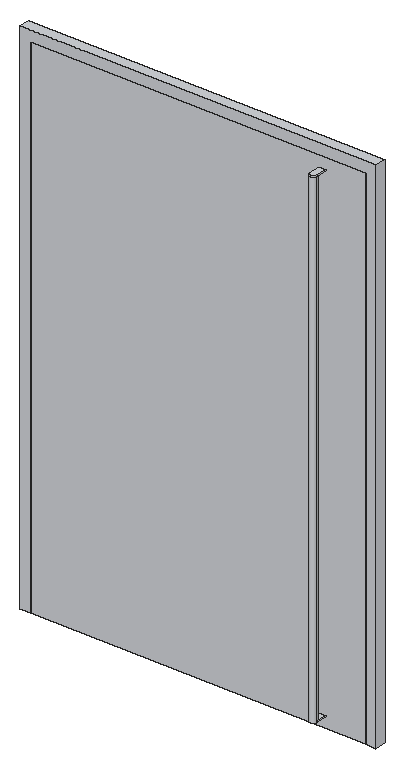
Revit family "CP-DR_1PI_Pivot Door", category Doors, Revit 2021
Family settings
  OmniClass Number = 23.25.20.14.11.11.17
  OmniClass Title = Infill Panels
  Always vertical = Yes
  Cut with Voids When Loaded = No
  Shared = No
  Room Calculation Point = Yes
Parameters (values of type "50_Off0_DS")
  YN_PanicBar = no
  YN_Opening_DoubleSide = yes
  YN_Handle_Internal = yes
  YN_Handle_External = yes
  Thickness = 0 mm  # constant formula
  TX_TypeCode = ""
  TX_Host [instance] = ""
  MA_Panel = none
  MA_Handle = none
  MA_Frame = none
  Function = Interior
  Description = "Porta a un'anta a bilico va e vieni."
  Define Thermal Properties by = Schematic Type
  DI_Width_Rough [instance] = 1663.754 mm
  DI_Width_Clear [instance] = DI_Width - DI_Hinge_OffsetX  # 1463.754 mm
  DI_Width [instance] = DI_Width_Rough - (DI_Frame_Width * 2)  # 1563.754 mm
  DI_Panel_Width [instance] = DI_Width  # 1563.754 mm
  DI_Panel_Thickness = 50 mm
  DI_Panel_OffsetYC = 300 mm + DI_Panel_OffsetY  # 300 mm
  DI_Panel_OffsetY = 0 mm
  DI_Panel_Height [instance] = DI_Height_Rough - DI_Frame_Width  # 2388.4 mm
  DI_Opening_Angle = 90.00°
  DI_Hinge_OffsetY [instance] = 25 mm
  DI_Hinge_OffsetX = 100 mm
  DI_Height_Rough [instance] = 2438.4 mm
  DI_Height_Clear [instance] = DI_Height  # 2388.4 mm
  DI_Height [instance] = DI_Height_Rough - DI_Frame_Width  # 2388.4 mm
  DI_Handle_OffsetZ = 50 mm
  DI_Handle_OffsetX = 300 mm
  DI_Frame_Width = 50 mm
  DI_Frame_Thickness = 50 mm
  DI_Angle = 0.00°
  Analytic Construction = "<None>"
Types (6, lengths in mm): name | YN_PanicBar | YN_Opening_DoubleSide | YN_Handle_Internal | TX_TypeCode | Description | DI_Panel_OffsetYC | DI_Panel_OffsetY
  50_Off0_DS | no | yes | yes | "" | "Porta a un'anta a bilico va e vieni." | 300 | 0
  50_Off150DS | no | yes | yes | "" | "Porta a un'anta a bilico, con maniglione." | 450 | 150
  50_Off0_PB | yes | no | no | "" | "Porta a un'anta a bilico, con maniglione." | 300 | 0
  50_Off0 | no | no | yes | "" | "Porta a un'anta a bilico." | 300 | 0
  50_Off150_PB | yes | no | no | "" | "Porta a un'anta a bilico va e vieni." | 450 | 150
  50_Off150 | no | no | yes | "1PL" | "Porta a un'anta a bilico." | 450 | 150
Reference planes
  plane 1 "Front": y = 0
  plane 2: z = 0
  plane 3 "Center (Left/Right)": x = 0
  plane 4 "Left": x = -831.877
  plane 5 "Right": x = 831.877
  plane 6 "Top": z = 2438.4
  plane 7 "Front Panel": y = 0
  plane 8 "Back Panel": y = 50
  plane 9 "Posizione Cerniera Y": x = -681.877
  plane 10 "MidllePanel": y = 25
  plane 11 "Panel Right": x = 781.877
  plane 12 "Panel Left": x = -781.877
  plane 13 "Origin offset": y = -300
Lines and regions (mm)
  reference lines
    curve 1: line (-681.877, 25, 0) -> (-21.877, 25, 0)
    curve 2: line (-681.877, 25, 0) -> (-681.877, 605, 0)
    curve 3: line (-681.877, 25, 0) -> (-681.877, -575, 0)
Text (mm)
  text "Exterior" at (-1379.057, 797.241, 0), in view "Ref. Level"
  text "Exterior" at (12192, 1055.114, 2275.943), in view "Right"
  text "Exterior" at (-6096, 1468.734, 2687.031), in view "Left"
Dimensions and locks
  equal spacing: plane 4 "Left", plane 3 "Center (Left/Right)", plane 5 "Right"
  "DI_Panel_Thickness": plane 8 "Back Panel" to plane 7 "Front Panel"
  "DI_Hinge_OffsetX": plane 12 "Panel Left" to plane 9 "Posizione Cerniera Y"
  equal spacing: plane 8 "Back Panel", plane 10 "MidllePanel", plane 7 "Front Panel"
  "DI_Hinge_OffsetY": plane 10 "MidllePanel" to plane 7 "Front Panel"
  nested 6 to nested 2 = 200 mm
  "DI_Frame_Width": plane 11 "Panel Right" to plane 5 "Right"
  "DI_Frame_Width": plane 4 "Left" to plane 12 "Panel Left"
  "DI_Width_Rough": plane 4 "Left" to plane 5 "Right"
  "DI_Height_Rough": plane 2 to plane 6 "Top"
  "DI_Panel_OffsetYC": plane 7 "Front Panel" to plane 13 "Origin offset"
  locked: plane 1 "Front" to plane 13 "Origin offset" at 300
  "DI_Angle": angle plane 10 "MidllePanel" to curve 1
  "DI_Opening_Angle": angle plane 10 "MidllePanel" to curve 2
  "DI_Opening_Angle": angle curve 3 to plane 10 "MidllePanel"
  aligned and locked: level to plane 2
  aligned and locked: plane 9 "Posizione Cerniera Y" to curve 2
  aligned and locked: plane 10 "MidllePanel" to curve 3
  aligned and locked: plane 3 "Center (Left/Right)" to nested 8
  aligned and locked: nested 8 to plane 10 "MidllePanel"
Nested families
  nested 1: "DR.PN_Panel Pivot" at (0, 25, 0), DI_Panel_Thickness <- "DI_Panel_Thickness", DI_PivotHinge_Offset <- "DI_Hinge_OffsetX", DI_Opening_Projection_Angle <- "DI_Opening_Angle", DI_Panel_Height <- "DI_Panel_Height", DI_Panel_Width <- "DI_Panel_Width", YN_DoubleSideOpening <- "YN_Opening_DoubleSide", MA_Panel <- "MA_Panel", type "Pivot"
    with YN_DoubleSideOpening yes, Thickness 0 mm, MA_Panel none, DI_PivotHinge_Offset 100 mm, DI_Panel_Width 1563.754 mm, DI_Panel_Thickness 50 mm, DI_Panel_Height 2388.4 mm, DI_Opening_Projection_Angle 90.00°
  nested 2: "DR.PN_Panel Pivot" at (-681.877, 706.877, 0) x (0, 1, 0) z (0, 0, 1), DI_Panel_Height <- "DI_Panel_Height", DI_Panel_Thickness <- "DI_Panel_Thickness", DI_Panel_Width <- "DI_Panel_Width", DI_PivotHinge_Offset <- "DI_Hinge_OffsetX", DI_Opening_Projection_Angle <- "DI_Opening_Angle", YN_DoubleSideOpening <- "YN_Opening_DoubleSide", type "Pivot_Projection"
    with YN_DoubleSideOpening yes, Thickness 0 mm, MA_Panel none, DI_PivotHinge_Offset 100 mm, DI_Panel_Width 1563.754 mm, DI_Panel_Thickness 50 mm, DI_Panel_Height 2388.4 mm, DI_Opening_Projection_Angle 90.00°
  nested 3: "DR.PN_Panel Pivot" at (-681.877, -656.877, 0) x (0, -1, 0) z (0, 0, 1), DI_Panel_Height <- "DI_Panel_Height", DI_Panel_Thickness <- "DI_Panel_Thickness", DI_Panel_Width <- "DI_Panel_Width", DI_PivotHinge_Offset <- "DI_Hinge_OffsetX", visible <- "YN_Opening_DoubleSide", type "Pivot_Projection"
    with YN_DoubleSideOpening no, Thickness 0 mm, MA_Panel none, DI_PivotHinge_Offset 100 mm, DI_Panel_Width 1563.754 mm, DI_Panel_Thickness 50 mm, DI_Panel_Height 2388.4 mm, DI_Opening_Projection_Angle 90.00°
  nested 4: "DR.HA_Handle_Panicbar_HW" at (-753.374, 25, 0) x (0, 1, 0) z (0, 0, 1), DI_Panel_Thickness <- "DI_Panel_Thickness", YN_Handle_Internal <- "YN_PanicBar", DI_Panel_Width <- "DI_Width_Clear", DI_Panel_OffsetY <- "DI_Panel_OffsetY", type "Projection"
    with YN_Handle_Internal no, YN_Handle_External no, MA_Handle none, DI_Panel_Width 1463.754 mm, DI_Panel_Thickness 50 mm, DI_Panel_OffsetYC 25 mm, DI_Panel_OffsetY 0 mm, DI_Handle_OffsetZ 1000 mm, DI_Handle_OffsetX 731.877 mm, YN_Opening_Pivot yes
  nested 5: "DR.HA_Handle_Panicbar_HW" at (-681.877, 96.497, 0), DI_Panel_Thickness <- "DI_Panel_Thickness", DI_Panel_OffsetY <- "DI_Panel_OffsetY", YN_Handle_Internal <- "YN_PanicBar", MA_Handle <- "MA_Handle", DI_Panel_Width <- "DI_Width_Clear", type "Cut"
    with YN_Handle_Internal no, YN_Handle_External no, MA_Handle none, DI_Panel_Width 1463.754 mm, DI_Panel_Thickness 50 mm, DI_Panel_OffsetYC 25 mm, DI_Panel_OffsetY 0 mm, DI_Handle_OffsetZ 900 mm, DI_Handle_OffsetX 731.877 mm, YN_Opening_Pivot yes
  nested 6: "DR.HA_Handle_Pole_HW" at (-706.877, 25, 0) x (0, 1, 0) z (0, 0, 1), DI_Panel_Height <- "DI_Panel_Height", DI_Panel_Thickness <- "DI_Panel_Thickness", DI_Panel_Width <- "DI_Width", YN_Handle_External <- "YN_Handle_External", YN_Handle_Internal <- "YN_Handle_Internal", DI_Handle_OffsetX <- "DI_Handle_OffsetX", DI_Panel_OffsetY <- "DI_Panel_OffsetY", MA_Handle <- "MA_Handle", type "Projection"
    with YN_Handle_Internal yes, YN_Handle_External yes, MA_Handle none, DI_Panel_Width 1563.754 mm, DI_Panel_Thickness 50 mm, DI_Panel_OffsetYC 25 mm, DI_Panel_OffsetY 0 mm, DI_Panel_Height 2388.4 mm, DI_Handle_OffsetX 300 mm, DI_Handle_HeightC 388.4 mm, DI_Handle_Height 148.093 mm, YN_Opening_Pivot yes
  nested 7: "DR.HA_Handle_Pole_HW" at (-656.877, 25, 0) x (0, -1, 0) z (0, 0, 1), DI_Panel_Height <- "DI_Panel_Height", DI_Panel_Thickness <- "DI_Panel_Thickness", DI_Panel_Width <- "DI_Width", visible <- "YN_Opening_DoubleSide", YN_Handle_External <- "YN_Handle_External", YN_Handle_Internal <- "YN_Handle_Internal", DI_Handle_OffsetX <- "DI_Handle_OffsetX", DI_Panel_OffsetY <- "DI_Panel_OffsetY", MA_Handle <- "MA_Handle", type "Projection"
    with YN_Handle_Internal yes, YN_Handle_External yes, MA_Handle none, DI_Panel_Width 1563.754 mm, DI_Panel_Thickness 50 mm, DI_Panel_OffsetYC 25 mm, DI_Panel_OffsetY 0 mm, DI_Panel_Height 2388.4 mm, DI_Handle_OffsetX 300 mm, DI_Handle_HeightC 388.4 mm, DI_Handle_Height 148.093 mm, YN_Opening_Pivot yes
  nested 8: "DR.FR_Generic Frame" at (0, 25, 0), DI_Width <- "DI_Width_Rough", DI_Height <- "DI_Height_Rough", DI_Frame_Thickness <- "DI_Frame_Thickness", DI_Frame_Width <- "DI_Frame_Width", MA_Frame <- "MA_Frame", type "0"
    with built-in parameter 1001301 0 mm, Thickness 0 mm, MA_Frame none, built-in parameter 1001300 0 mm, DI_Width 1663.754 mm, DI_Height 2438.4 mm, DI_Frame_Width 50 mm, DI_Frame_Thickness 50 mm
  nested 9: "DR.HA_Handle_Pole_HW" at (-681.877, 50, 0), DI_Panel_Thickness <- "DI_Panel_Thickness", DI_Panel_Height <- "DI_Panel_Height", DI_Panel_Width <- "DI_Panel_Width", YN_Handle_External <- "YN_Handle_External", YN_Handle_Internal <- "YN_Handle_Internal", DI_Handle_OffsetX <- "DI_Handle_OffsetX", DI_Panel_OffsetY <- "DI_Panel_OffsetY", MA_Handle <- "MA_Handle", type "Cut"
    with YN_Handle_Internal yes, YN_Handle_External yes, MA_Handle none, DI_Panel_Width 1563.754 mm, DI_Panel_Thickness 50 mm, DI_Panel_OffsetYC 25 mm, DI_Panel_OffsetY 0 mm, DI_Panel_Height 2388.4 mm, DI_Handle_OffsetX 300 mm, DI_Handle_HeightC 2288.4 mm, DI_Handle_Height 148.093 mm, YN_Opening_Pivot yes
Definition of nested family "DR.PN_Panel Pivot"
  Parameters (values of type "Pivot_Projection")
    YN_Swing = not(YN_Panel_Projection)  # no
    YN_Panel_Projection = yes
    YN_Panel = not(YN_Panel_Projection)  # no
    YN_DoubleSideOpening [instance] = no
    YN_3D = not(YN_Panel_Projection)  # no
    Width = 0 mm  # constant formula
    Thickness [instance] = 0 mm  # constant formula
    Rough Width = 0 mm  # constant formula
    Rough Height = 0 mm  # constant formula
    MA_Panel [instance] = none
    Height = 0 mm  # constant formula
    Define Thermal Properties by = 1
    Default Elevation = 0 mm  # constant formula
    DI_PivotHinge_Offset [instance] = 100 mm
    DI_Panel_Width [instance] = 1000 mm
    DI_Panel_Thickness [instance] = 100 mm
    DI_Panel_Height [instance] = 2100 mm
    DI_Opening_Projection_Angle [instance] = 60.00°
    Analytic Construction = "<None>"
  Types (2, lengths in mm): name | YN_Swing | YN_Panel_Projection | YN_Panel | YN_3D | DI_Panel_Width | DI_Opening_Projection_Angle
    Pivot | yes | no | yes | yes | 1200 | 90.00°
    Pivot_Projection | no | yes | no | no | 1000 | 60.00°
  Reference planes
    plane 1 "Center (Front/Back)": y = 0
    plane 2: z = 0
    plane 3 "Center (Left/Right)": x = 0
    plane 4 "Left": x = -500
    plane 5 "Right": x = 500
    plane 6 "FrontPanel": y = -50
    plane 7 "Top": z = 2100
    plane 8: z = 1050
    plane 9 "BackPanel": y = 50
    plane 10 "Y_Bilico": x = -400
  Forms (mm)
    Extrusion 1, solid, material <- "MA_Panel", visible <- "YN_3D"
      sketch origin (1340, 700, 0) x (1, 0, 0) y (0, 1, 0)
        loop
          line (-1840, -750) -> (-840, -750) -> (-840, -650) -> (-1840, -650) -> (-1840, -750)
      from 0 to 2100
  Lines and regions (mm)
    Masking region 1, visible <- "YN_Panel"
      outline origin (40, 290, 0) x (1, 0, 0) y (0, 1, 0)
        loop
          line (-540, -240) -> (-540, -340) -> (460, -340) -> (460, -240) -> (-540, -240)
    model lines, not visible
      curve 1: line (-400, -50, 2100) -> (500, -50, 1050)
      curve 2: line (-400, -50, 0) -> (500, -50, 1050)
      curve 7: line (-242.5, -50, 1050) -> (367.5, -50, 1050)
      curve 8: line (-242.5, 50, 1050) -> (367.5, 50, 1050)
    model lines, visible <- "YN_Swing"
      curve 3: line (-400, -50, 2100) -> (500, -50, 1050)
      curve 4: line (-400, -50, 0) -> (500, -50, 1050)
      curve 5: line (-400, 50, 2100) -> (500, 50, 1050)
      curve 6: line (500, 50, 1050) -> (-400, 50, 0)
      curve 15: line (-400, 50, 0) -> (-500, 50, 1050)
      curve 16: line (-500, 50, 1050) -> (-400, 50, 2100)
      curve 17: line (-400, -50, 0) -> (-500, -50, 1050)
      curve 18: line (-500, -50, 1050) -> (-400, -50, 2100)
      curve 19: line (-400, 50, 0) -> (-400, 50, 2100)
      curve 20: line (-400, -50, 0) -> (-400, -50, 2100)
    reference lines
      curve 9: line (-400, 0, 0) -> (-242.5, 272.798, 0)
      curve 12: line (-400, 0, 0) -> (-242.5, -272.798, 0)
    symbolic lines, visible <- "YN_Swing"
      curve 10: arc (500, 0, 0) -> (379.423, 450, 0) -> (50, 779.423, 0) r 900
      curve 11: arc (-500, 0, 0) -> (-486.603, -50, 0) -> (-450, -86.603, 0) r 100
    symbolic lines, visible <- "YN_DoubleSideOpening"
      curve 13: arc (500, 0, 0) -> (379.423, -450, 0) -> (50, -779.423, 0) r 900
      curve 14: arc (-500, 0, 0) -> (-486.603, 50, 0) -> (-450, 86.603, 0) r 100
    symbolic lines, visible <- "YN_Panel_Projection"
      curve 21: line (-500, 50, 0) -> (500, 50, 0)
    symbolic lines, visible <- "YN_Panel_Projection", detail levels medium+fine
      curve 22: line (-500, -50, 0) -> (-500, 50, 0)
      curve 23: line (500, -50, 0) -> (-500, -50, 0)
      curve 24: line (500, 50, 0) -> (500, -50, 0)
  Dimensions and locks
    "DI_Panel_Width": plane 4 "Left" to plane 5 "Right"
    equal spacing: plane 4 "Left", plane 3 "Center (Left/Right)", plane 5 "Right"
    "DI_Panel_Thickness": plane 6 "FrontPanel" to plane 9 "BackPanel"
    "DI_Panel_Height": plane 7 "Top" to plane 2
    equal spacing: plane 7 "Top", plane 8, plane 2
    plane 4 "Left" to plane 3 "Center (Left/Right)" = 500 mm
    equal spacing: plane 6 "FrontPanel", plane 1 "Center (Front/Back)", plane 9 "BackPanel"
    "DI_PivotHinge_Offset": plane 4 "Left" to plane 10 "Y_Bilico"
    plane 7 "Top" to curve 1 = 0 mm
    "DI_Opening_Projection_Angle": angle plane 1 "Center (Front/Back)" to curve 9
    "DI_Opening_Projection_Angle": angle curve 12 to plane 1 "Center (Front/Back)"
    aligned and locked: level to plane 2
    aligned and locked: plane 4 "Left" to Extrusion 1
    aligned and locked: plane 9 "BackPanel" to Extrusion 1
    aligned and locked: plane 5 "Right" to Extrusion 1
    aligned and locked: Extrusion 1 to plane 6 "FrontPanel"
    aligned and locked: plane 7 "Top" to Extrusion 1
    aligned and locked: curve 9 to curve 10
    aligned and locked: curve 11 to curve 9
    aligned and locked: plane 1 "Center (Front/Back)" to curve 11
    aligned and locked: plane 4 "Left" to curve 11
    aligned and locked: curve 12 to curve 13
    aligned and locked: curve 14 to curve 12
    aligned and locked: plane 1 "Center (Front/Back)" to curve 12
    aligned and locked: plane 10 "Y_Bilico" to curve 12
    aligned and locked: curve 19 to plane 10 "Y_Bilico"
    aligned and locked: plane 2 to curve 19
    aligned and locked: plane 7 "Top" to curve 19
    aligned and locked: plane 10 "Y_Bilico" to curve 20
    aligned and locked: plane 2 to curve 20
    aligned and locked: Masking region 1 sketch curve to plane 4 "Left"
    aligned and locked: Masking region 1 sketch curve to plane 5 "Right"
    aligned and locked: plane 6 "FrontPanel" to Masking region 1 sketch curve
    aligned and locked: Masking region 1 sketch curve to plane 9 "BackPanel"
    aligned and locked: curve 21 to plane 9 "BackPanel"
    aligned and locked: curve 22 to plane 4 "Left"
    aligned and locked: plane 6 "FrontPanel" to curve 23
    aligned and locked: curve 24 to plane 5 "Right"
  Automatic sketch dimensions
    curve 8 to curve 8 = 610 mm
    Extrusion 1 sketch curve to plane 4 "Left" = 0 mm
    Extrusion 1 sketch curve to plane 5 "Right" = 0 mm
    Extrusion 1 sketch curve to plane 6 "FrontPanel" = 0 mm
    Extrusion 1 sketch curve to plane 9 "BackPanel" = 0 mm
    curve 7 to plane 8 = 0 mm
    plane 10 "Y_Bilico" to curve 7 = 157.5 mm
    curve 7 to plane 5 "Right" = 132.5 mm
    curve 5 to plane 5 "Right" = 0 mm
    curve 8 to plane 8 = 0 mm
    plane 4 "Left" to curve 15 = 0 mm
    curve 5 to plane 8 = 0 mm
    curve 15 to plane 8 = 0 mm
    curve 8 to plane 5 "Right" = 132.5 mm
    plane 10 "Y_Bilico" to curve 8 = 157.5 mm
    curve 1 to plane 5 "Right" = 0 mm
    plane 4 "Left" to curve 17 = 0 mm
    curve 1 to plane 8 = 0 mm
    curve 18 to plane 8 = 0 mm
    curve 10 to curve 11 = 0 mm  (x2)
    curve 11 to curve 14 = 0 mm
    curve 13 to curve 14 = 0 mm
    curve 14 to plane 10 "Y_Bilico" = 0 mm
    curve 13 to plane 5 "Right" = 0 mm
Definition of nested family "DR.FR_Generic Frame"
  Parameters (values of type "0")
    Width [instance] = 0 mm  # constant formula
    Thickness [instance] = 0 mm  # constant formula
    MA_Frame [instance] = none
    Height [instance] = 0 mm  # constant formula
    Define Thermal Properties by = 1
    Default Elevation = 0 mm
    DI_Width [instance] = 1200 mm
    DI_Height [instance] = 2100 mm
    DI_Frame_Width [instance] = 80 mm
    DI_Frame_Thickness [instance] = 150 mm
    Analytic Construction = "<None>"
  Reference planes
    plane 1 "Center (Front/Back)": y = 0
    plane 2: z = 0
    plane 3 "Center (Left/Right)": x = 0
    plane 4 "Left": x = -600
    plane 5 "Right": x = 600
    plane 6 "FrontFrame": y = -75
    plane 7 "Top": z = 2100
    plane 8: z = 1050
    plane 9: x = -520
    plane 10: x = 520
    plane 11 "BackFrame": y = 75
  Forms (mm)
    Sweep 1, solid, material <- "MA_Frame"
      path origin (0, -75, 0) x (-1, 0, 0) y (0, 0, 1)
        loop
          line (600, 0) -> (600, 2100) -> (-600, 2100) -> (-600, 0)
      profile origin (-600, -75, 1050) x (1, 0, 0) y (0, 1, 0)
        loop
          line (80, 150) -> (0, 150) -> (0, 0) -> (80, 0) -> (80, 150)
  Lines and regions (mm)
    Masking region 1
      outline origin (0, 0, 0) x (1, 0, 0) y (0, 1, 0)
        loop
          line (-600, -75) -> (-520, -75) -> (-520, 75) -> (-600, 75) -> (-600, -75)
    Masking region 2
      outline origin (0, 0, 0) x (1, 0, 0) y (0, 1, 0)
        loop
          line (600, -75) -> (600, 75) -> (520, 75) -> (520, -75) -> (600, -75)
  Dimensions and locks
    "DI_Width": plane 4 "Left" to plane 5 "Right"
    equal spacing: plane 4 "Left", plane 3 "Center (Left/Right)", plane 5 "Right"
    "DI_Frame_Thickness": plane 6 "FrontFrame" to plane 11 "BackFrame"
    "DI_Height": plane 7 "Top" to plane 2
    equal spacing: plane 7 "Top", plane 8, plane 2
    "DI_Frame_Width": plane 4 "Left" to plane 9
    "DI_Frame_Width": plane 10 to plane 5 "Right"
    equal spacing: plane 6 "FrontFrame", plane 1 "Center (Front/Back)", plane 11 "BackFrame"
    aligned and locked: level to plane 2
    aligned and locked: plane 4 "Left" to Sweep 1 sketch curve
    aligned and locked: plane 7 "Top" to Sweep 1 sketch curve
    aligned and locked: Sweep 1 sketch curve to plane 5 "Right"
    aligned and locked: plane 2 to Sweep 1 sketch curve  (x2)
    aligned and locked: Sweep 1 sketch curve to plane 9
    aligned and locked: Sweep 1 sketch curve to plane 6 "FrontFrame"
    aligned and locked: Sweep 1 sketch curve to plane 4 "Left"
    aligned and locked: Masking region 1 sketch curve to plane 4 "Left"
    aligned and locked: Masking region 1 sketch curve to plane 9
    aligned and locked: Masking region 1 sketch curve to plane 6 "FrontFrame"
    aligned and locked: plane 5 "Right" to Masking region 2 sketch curve
    aligned and locked: Masking region 2 sketch curve to plane 10
    aligned and locked: Masking region 2 sketch curve to plane 6 "FrontFrame"
    aligned and locked: plane 11 "BackFrame" to Masking region 1
    aligned and locked: plane 11 "BackFrame" to Masking region 2
    aligned and locked: plane 11 "BackFrame" to Sweep 1 sketch curve
  Automatic sketch dimensions
    Masking region 1 sketch curve to plane 1 "Center (Front/Back)" = 75 mm
    Masking region 2 sketch curve to plane 1 "Center (Front/Back)" = 75 mm
Definition of nested family "DR.HA_Handle_Pole_HW"
  Parameters (values of type "Cut")
    YN_Opening_Pivot = no
    YN_Handle_Internal [instance] = yes
    YN_Handle_External [instance] = yes
    MA_Handle [instance] = none
    Handle = DR.HA_Handle_Pole : Cut
    FullHeight = yes
    Define Thermal Properties by = 1
    Default Elevation = 0 mm  # constant formula
    DI_Panel_Width [instance] = 900 mm
    DI_Panel_Thickness [instance] = 60 mm
    DI_Panel_OffsetYC [instance] = if(YN_Opening_Pivot, (DI_Panel_Thickness / 2), DI_Panel_OffsetY)  # 0 mm
    DI_Panel_OffsetY [instance] = 0 mm
    DI_Panel_Height [instance] = 2148.093 mm
    DI_Handle_OffsetZ = 50 mm
    DI_Handle_OffsetX [instance] = 50 mm
    DI_Handle_HeightC [instance] = if(FullHeight, DI_Panel_Height - (DI_Handle_OffsetZ * 2), DI_Handle_Height)  # 2048.093 mm
    DI_Handle_Height [instance] = 500 mm
    Analytic Construction = "<None>"
  Types (2, lengths in mm): name | Handle | DI_Panel_Thickness | DI_Handle_OffsetZ | DI_Handle_HeightC | DI_Handle_Height
    Projection | DR.HA_Handle_Pole : Projection | 40 | 1000 | 148.093 | 148.093
    Cut | DR.HA_Handle_Pole : Cut | 60 | 50 | 2048.093 | 500
  Reference planes
    plane 1 "Panel_Ext": y = -25
    plane 2: z = 0
    plane 3 "Center (Left/Right)": x = 0
    plane 4 "Panel_Int": y = -85
    plane 5: z = 50
    plane 6: x = 900
    plane 7: x = 850
    plane 8: z = 2148.093
    plane 9 "Origin": y = -25
  Lines and regions (mm)
    symbolic lines, detail levels coarse
      curve 1: line (0, -85, 0) -> (0, -25, 0)
  Dimensions and locks
    "DI_Panel_Thickness": plane 4 "Panel_Int" to plane 1 "Panel_Ext"
    "DI_Handle_OffsetZ": plane 2 to plane 5
    "DI_Panel_Width": plane 6 to plane 3 "Center (Left/Right)"
    "DI_Handle_OffsetX": plane 6 to plane 7
    "DI_Panel_Height": plane 8 to level
    "DI_Panel_OffsetYC": plane 1 "Panel_Ext" to plane 9 "Origin"
    aligned and locked: plane 2 to level
    aligned and locked: plane 4 "Panel_Int" to nested 2
    aligned and locked: plane 7 to nested 1
    aligned and locked: nested 2 to plane 7
    aligned and locked: plane 1 "Panel_Ext" to nested 1
  Automatic sketch dimensions
    plane 1 "Panel_Ext" to curve 1 = 0 mm
    curve 1 to plane 3 "Center (Left/Right)" = 0 mm
    plane 4 "Panel_Int" to curve 1 = 0 mm
  Nested families
    nested 1: "DR.HA_Handle_Pole" at (850, -25, 50), visible <- "YN_Handle_External", built-in parameter 1001364 <- "DI_Handle_OffsetZ", MA_Handle <- "MA_Handle", type <- "Handle", DI_Height <- "DI_Handle_HeightC", type "Cut"
      with MA_Handle none, DI_Height 2048.093 mm
    nested 2: "DR.HA_Handle_Pole" at (850, -85, 50), visible <- "YN_Handle_Internal", built-in parameter 1001364 <- "DI_Handle_OffsetZ", MA_Handle <- "MA_Handle", type <- "Handle", DI_Height <- "DI_Handle_HeightC", type "Cut"
      with MA_Handle none, DI_Height 2048.093 mm
  Definition of nested family "DR.HA_Handle_Pole"
    Parameters (values of type "Cut")
      YN_Graphics_Projection = yes
      YN_Graphics_Cut = no
      YN_3D = yes
      MA_Handle [instance] = none
      Define Thermal Properties by = 1
      Default Elevation = 0 mm  # constant formula
      DI_Height [instance] = 1737.643 mm
      Analytic Construction = "<None>"
    Types (2, lengths in mm): name | YN_3D
      Cut | yes
      Projection | no
    Reference planes
      plane 1 "Center (Front/Back)": y = 0
      plane 2: z = 0
      plane 3 "Center (Left/Right)": x = 0
      plane 4: z = 1737.643
    Forms (mm)
      Extrusion 1, solid, material <- "MA_Handle", visible <- "YN_3D"
        sketch origin (0, 0, 0) x (1, 0, 0) y (0, 1, 0)
          loop
            line (-15, 0) -> (-15, -51)
            arc (-15, -51) -> (0, -66) -> (15, -51) r 15
            line (15, -51) -> (15, 0) -> (-15, 0)
        from 0 to 5
      Extrusion 2, solid, material <- "MA_Handle", visible <- "YN_3D"
        sketch origin (0, -4, 0) x (1, 0, 0) y (0, 1, 0)
          loop
            circle (0, -51) r 15
        from 0 to 1737.643 <- "DI_Height"
      Extrusion 3, solid, material <- "MA_Handle", visible <- "YN_3D"
        sketch origin (0, 0, 0) x (1, 0, 0) y (0, 1, 0)
          loop
            line (-15, 0) -> (-15, -55)
            arc (-15, -55) -> (0, -70) -> (15, -55) r 15
            line (15, -55) -> (15, 0) -> (-15, 0)
        from 1732.643 to 1737.643 <- "DI_Height"
    Cuts and joins
      joined: Extrusion 1, Extrusion 2, Extrusion 3
    Lines and regions (mm)
      Masking region 1, visible <- "YN_Graphics_Cut"
        outline origin (0, 0, 0) x (1, 0, 0) y (0, 1, 0)
          loop
            line (-15, 0) -> (-15, -55)
            arc (-15, -55) -> (0, -70) -> (15, -55) r 15
            line (15, -55) -> (15, 0) -> (-15, 0)
      symbolic lines, visible <- "YN_Graphics_Cut", detail levels medium+fine
        curve 1: arc (15, -55, 0) -> (0, -40, 0) -> (-15, -55, 0) r 15
      symbolic lines, visible <- "YN_Graphics_Projection"
        curve 2: line (-15, 0, 0) -> (-15, -55, 0)
        curve 3: arc (-15, -55, 0) -> (0, -70, 0) -> (15, -55, 0) r 15
        curve 4: line (15, -55, 0) -> (15, 0, 0)
        curve 5: line (15, 0, 0) -> (-15, 0, 0)
      symbolic lines, visible <- "YN_Graphics_Projection", detail levels medium+fine
        curve 6: arc (15, -55, 0) -> (0, -40, 0) -> (-15, -55, 0) r 15
    Dimensions and locks
      "DI_Height": plane 4 to level
      locked: plane 4 to Extrusion 3 at 5
      aligned and locked: plane 2 to level
    Automatic sketch dimensions
      plane 1 "Center (Front/Back)" to Extrusion 1 sketch curve = 0 mm
      Extrusion 1 sketch curve to plane 3 "Center (Left/Right)" = 0 mm
      Extrusion 1 sketch curve to plane 3 "Center (Left/Right)" = 15 mm
      plane 1 "Center (Front/Back)" to Extrusion 1 sketch curve = 51 mm
      Extrusion 2 sketch curve to Extrusion 2 sketch curve = 0 mm  (x2)
      Extrusion 2 sketch curve to plane 3 "Center (Left/Right)" = 0 mm
      plane 1 "Center (Front/Back)" to Extrusion 2 sketch curve = 55 mm
      Extrusion 2 sketch curve to Extrusion 2 sketch curve = 15 mm
      plane 1 "Center (Front/Back)" to Extrusion 3 sketch curve = 0 mm
      Extrusion 3 sketch curve to plane 3 "Center (Left/Right)" = 0 mm
      Extrusion 3 sketch curve to plane 3 "Center (Left/Right)" = 15 mm
      plane 1 "Center (Front/Back)" to Extrusion 3 sketch curve = 55 mm
      plane 1 "Center (Front/Back)" to Masking region 1 sketch curve = 0 mm
      Masking region 1 sketch curve to plane 3 "Center (Left/Right)" = 15 mm
      plane 3 "Center (Left/Right)" to Masking region 1 sketch curve = 15 mm
      plane 1 "Center (Front/Back)" to Masking region 1 sketch curve = 55 mm
      curve 1 to plane 3 "Center (Left/Right)" = 0 mm
      plane 1 "Center (Front/Back)" to curve 1 = 55 mm
      curve 1 to plane 3 "Center (Left/Right)" = 15 mm
      curve 1 to curve 3 = 0 mm  (x2)
      plane 1 "Center (Front/Back)" to curve 5 = 0 mm
      curve 5 to plane 3 "Center (Left/Right)" = 15 mm
Definition of nested family "DR.HA_Handle_Panicbar_HW"
  Parameters (values of type "Projection")
    YN_Opening_Pivot = no
    YN_Handle_Internal [instance] = yes
    YN_Handle_External [instance] = no
    MA_Handle [instance] = none
    Handle = DR.HA_Handle_Panicbar : Projection
    Define Thermal Properties by = 1
    Default Elevation = 0 mm  # constant formula
    DI_Panel_Width [instance] = 900 mm
    DI_Panel_Thickness [instance] = 40 mm
    DI_Panel_OffsetYC [instance] = if(YN_Opening_Pivot, (DI_Panel_Thickness / 2), DI_Panel_OffsetY)  # 0 mm
    DI_Panel_OffsetY [instance] = 0 mm
    DI_Handle_OffsetZ [instance] = 1000 mm
    DI_Handle_OffsetX [instance] = DI_Panel_Width / 2  # 450 mm
    Analytic Construction = "<None>"
  Types (2, lengths in mm): name | Handle | DI_Panel_Width | DI_Handle_OffsetX
    Projection | DR.HA_Handle_Panicbar : Projection | 900 | 450
    Cut | DR.HA_Handle_Panicbar : Cut | 800 | 400
  Reference planes
    plane 1 "Panel_Ext": y = -71.497
    plane 2: z = 0
    plane 3 "Center (Left/Right)": x = 0
    plane 4 "Panel_Int": y = -111.497
    plane 5: z = 1000
    plane 6: x = 900
    plane 7: x = 450
    plane 8 "Origin": y = -71.497
  Lines and regions (mm)
    symbolic lines, detail levels coarse
      curve 1: line (0, -111.497, 0) -> (0, -71.497, 0)
  Dimensions and locks
    "DI_Panel_Thickness": plane 4 "Panel_Int" to plane 1 "Panel_Ext"
    "DI_Handle_OffsetZ": plane 2 to plane 5
    "DI_Panel_Width": plane 6 to plane 3 "Center (Left/Right)"
    "DI_Handle_OffsetX": plane 6 to plane 7
    "DI_Panel_OffsetYC": plane 1 "Panel_Ext" to plane 8 "Origin"
    aligned and locked: plane 2 to level
    aligned and locked: plane 4 "Panel_Int" to nested 1
    aligned and locked: nested 1 to plane 7
  Automatic sketch dimensions
    plane 1 "Panel_Ext" to curve 1 = 0 mm
    curve 1 to plane 3 "Center (Left/Right)" = 0 mm
    plane 4 "Panel_Int" to curve 1 = 0 mm
  Nested families
    nested 1: "DR.HA_Handle_Panicbar" at (450, -111.497, 1000), visible <- "YN_Handle_Internal", built-in parameter 1001364 <- "DI_Handle_OffsetZ", type <- "Handle", DI_Width <- "DI_Panel_Width", type "Projection"
      with DI_Width 900 mm
  Definition of nested family "DR.HA_Handle_Panicbar"
    Parameters (values of type "Cut")
      YN_Graphics_Projection = no
      YN_Graphics_Cut = yes
      YN_3D = yes
      Width = 0 mm  # constant formula
      Thickness = 0 mm  # constant formula
      Rough Width = 0 mm  # constant formula
      Rough Height = 0 mm  # constant formula
      MA_Material = none
      Height = 0 mm  # constant formula
      Define Thermal Properties by = 1
      Default Elevation = 0 mm
      DI_Width [instance] = 1000 mm
      Analytic Construction = "<None>"
    Types (3, lengths in mm): name | YN_Graphics_Projection | YN_Graphics_Cut | YN_3D
      (no name) | no | yes | yes
      Cut | no | yes | yes
      Projection | yes | no | no
    Reference planes
      plane 1 "Center (Front/Back)": y = 0
      plane 2: z = 0
      plane 3 "Center (Left/Right)": x = 0
      plane 4: x = -445
      plane 5: x = 445
      plane 6: y = -80
      plane 7: x = -495
      plane 8: x = 495
      plane 9: y = -55
      plane 10: y = -52
      plane 11: z = 155.5
      plane 12: z = -25
      plane 13: z = 7.5
      plane 14 "Panel Left": x = -500
      plane 15 "Panel Right": x = 500
      plane 16: x = 451
      plane 17: x = -451
    Forms (mm)
      Extrusion 1, solid, material <- "MA_Material", visible <- "YN_3D"
        sketch origin (0, 0, 12.5) x (0, 1, 0) y (0, 0, 1)
          loop
            circle (-67.5, -25) r 12.5
        from -451 to 451
      Extrusion 2, solid, material <- "MA_Material", visible <- "YN_3D"
        sketch origin (-495, 0, 0) x (0, 1, 0) y (0, 0, 1)
          loop
            line (0, 155.5) -> (-36, 155.5)
            arc (-36, 155.5) -> (-52, 81.5) -> (-36, 7.5) r 179.125
            line (-36, 7.5) -> (0, 7.5) -> (0, 155.5)
        from 0 to 50
      Extrusion 3, solid, material <- "MA_Material", visible <- "YN_3D"
        sketch origin (-459, 0, 0) x (0, 1, 0) y (0, 0, 1)
          loop
            arc (-78.794, -7.142) -> (-72.858, -23.794) -> (-56.206, -17.858) r 12.5
            line (-56.206, -17.858) -> (-39.843, 16.635)
            arc (-39.843, 16.635) -> (-45.853, 34.976) -> (-49.854, 53.858) r 179.125
            line (-49.854, 53.858) -> (-78.794, -7.142)
        from 0 to 8
      Extrusion 4, solid, material <- "MA_Material", visible <- "YN_3D"
        sketch origin (495, 0, 0) x (0, -1, 0) y (0, 0, 1)
          loop
            line (0, 155.5) -> (0, 7.5) -> (36, 7.5)
            arc (36, 7.5) -> (52, 81.5) -> (36, 155.5) r 179.125
            line (36, 155.5) -> (0, 155.5)
        from 0 to 50
      Extrusion 5, solid, material <- "MA_Material", visible <- "YN_3D"
        sketch origin (459, 0, 0) x (0, -1, 0) y (0, 0, 1)
          loop
            line (78.794, -7.142) -> (49.854, 53.858)
            arc (49.854, 53.858) -> (45.853, 34.976) -> (39.843, 16.635) r 179.125
            line (39.843, 16.635) -> (56.206, -17.858)
            arc (56.206, -17.858) -> (72.858, -23.794) -> (78.794, -7.142) r 12.5
        from 0 to 8
      Extrusion 6, solid, material <- "MA_Material", visible <- "YN_3D", not visible
        sketch origin (495, 0, 0) x (0, -1, 0) y (0, 0, 1)
          loop
            line (0, 155.5) -> (0, 7.5) -> (36, 7.5)
            arc (36, 7.5) -> (52, 81.5) -> (36, 155.5) r 179.125
            line (36, 155.5) -> (0, 155.5)
        from 0 to 50
      Extrusion 7, solid, material <- "MA_Material", visible <- "YN_3D", not visible
        sketch origin (459, 0, 0) x (0, -1, 0) y (0, 0, 1)
          loop
            line (78.794, -7.142) -> (49.854, 53.858)
            arc (49.854, 53.858) -> (45.853, 34.976) -> (39.843, 16.635) r 179.125
            line (39.843, 16.635) -> (56.206, -17.858)
            arc (56.206, -17.858) -> (72.858, -23.794) -> (78.794, -7.142) r 12.5
        from 0 to 8
    Lines and regions (mm)
      Masking region 1, visible <- "YN_Graphics_Cut", detail levels coarse
        outline origin (0, 0, 0) x (1, 0, 0) y (0, 1, 0)
          loop
            line (-495, 0) -> (-495, -80) -> (495, -80) -> (495, 0) -> (-495, 0)
      Masking region 2, visible <- "YN_Graphics_Cut", detail levels medium+fine
        outline origin (0, 0, 0) x (1, 0, 0) y (0, 1, 0)
          loop
            line (-495, 0) -> (-495, -52) -> (-459, -52) -> (-459, -80) -> (459, -80) -> (459, -52) -> (495, -52) -> (495, 0) -> (445, 0) -> (445, -52) -> (451, -52) -> (451, -55) -> (-451, -55) -> (-451, -52) -> (-445, -52) -> (-445, 0) -> (-495, 0)
      symbolic lines, visible <- "YN_Graphics_Projection", detail levels medium+fine
        curve 1: line (-495, 0, 0) -> (-445, 0, 0)
        curve 2: line (-495, -52, 0) -> (-495, 0, 0)
        curve 3: line (-445, -52, 0) -> (-495, -52, 0)
        curve 4: line (-445, 0, 0) -> (-445, -52, 0)
        curve 6: line (-451, -52, 0) -> (-451, -80, 0)
        curve 7: line (459, -80, 0) -> (-459, -80, 0)
        curve 8: line (-459, -80, 0) -> (-459, -52, 0)
        curve 9: line (495, 0, 0) -> (445, 0, 0)
        curve 10: line (495, -52, 0) -> (495, 0, 0)
        curve 11: line (445, -52, 0) -> (495, -52, 0)
        curve 12: line (445, 0, 0) -> (445, -52, 0)
        curve 14: line (451, -52, 0) -> (451, -80, 0)
        curve 15: line (459, -80, 0) -> (459, -52, 0)
        curve 16: line (-451, -55, 0) -> (451, -55, 0)
      symbolic lines, visible <- "YN_Graphics_Projection", detail levels fine
        curve 5: line (-445, -36, 0) -> (-495, -36, 0)
        curve 13: line (445, -36, 0) -> (495, -36, 0)
      symbolic lines, visible <- "YN_Graphics_Cut", detail levels fine
        curve 17: line (-445, -36, 0) -> (-495, -36, 0)
        curve 18: line (445, -36, 0) -> (495, -36, 0)
        curve 19: line (-451, -55, 0) -> (-451, -80, 0)
        curve 20: line (451, -55, 0) -> (451, -80, 0)
    Dimensions and locks
      plane 9 to plane 6 = 25 mm
      locked: plane 6 to plane 1 "Center (Front/Back)" at 80
      locked: plane 7 to plane 4 at 50
      locked: plane 5 to plane 8 at 50
      locked: plane 14 "Panel Left" to plane 7 at 5
      locked: plane 15 "Panel Right" to plane 8 at 5
      equal spacing: plane 14 "Panel Left", plane 3 "Center (Left/Right)", plane 15 "Panel Right"
      "DI_Width": plane 14 "Panel Left" to plane 15 "Panel Right"
      plane 10 to plane 1 "Center (Front/Back)" = 52 mm
      locked: curve 8 to curve 6 at 8
      locked: curve 15 to curve 14 at 8
      locked: plane 12 to plane 2 at 25
      locked: plane 5 to plane 16 at 6
      locked: plane 4 to plane 17 at 6
      plane 11 to plane 13 = 148 mm
      locked: Extrusion 3 to plane 17 at 8
      locked: Extrusion 5 to plane 16 at 8
      aligned and locked: level to plane 2
      aligned and locked: Masking region 1 to plane 7
      aligned and locked: Masking region 1 to plane 1 "Center (Front/Back)"
      aligned and locked: Masking region 1 to plane 6
      aligned and locked: Masking region 1 to plane 8
      aligned and locked: Masking region 2 to plane 7
      aligned and locked: Masking region 2 to plane 6
      aligned and locked: Masking region 2 to plane 8
      aligned and locked: Masking region 2 to plane 1 "Center (Front/Back)"
      aligned and locked: plane 1 "Center (Front/Back)" to curve 1
      aligned and locked: plane 7 to curve 2
      aligned and locked: plane 10 to curve 3
      aligned and locked: curve 4 to plane 4
      aligned and locked: plane 6 to curve 7
      aligned and locked: curve 12 to plane 5
      aligned and locked: curve 10 to plane 8
      aligned and locked: curve 16 to plane 9
      aligned and locked: curve 19 to Masking region 2
      aligned and locked: Masking region 2 to curve 20
      aligned and locked: Masking region 2 to Extrusion 1
      aligned and locked: Extrusion 1 to Masking region 2
      aligned and locked: Extrusion 2 to plane 7
      aligned and locked: plane 4 to Extrusion 2
      aligned and locked: Extrusion 3 to plane 17
      aligned and locked: plane 17 to Extrusion 1
      aligned and locked: plane 16 to Extrusion 1
    Automatic sketch dimensions
      Extrusion 3 sketch curve to Extrusion 3 sketch curve = 11.294 mm  (x2)
      Extrusion 2 sketch curve to Extrusion 2 sketch curve = 0 mm
      Extrusion 2 sketch curve to Extrusion 2 sketch curve = 36 mm
      Extrusion 2 sketch curve to Extrusion 2 sketch curve = 127.125 mm
      Extrusion 2 sketch curve to Extrusion 2 sketch curve = 74 mm
      Extrusion 3 sketch curve to Extrusion 3 sketch curve = 28.939 mm
      Extrusion 3 sketch curve to Extrusion 3 sketch curve = 16.364 mm
      Extrusion 3 sketch curve to Extrusion 3 sketch curve = 166.968 mm
      Extrusion 3 sketch curve to Extrusion 3 sketch curve = 5.358 mm
      Extrusion 3 sketch curve to Extrusion 3 sketch curve = 34.492 mm
      Extrusion 3 sketch curve to Extrusion 3 sketch curve = 37.223 mm
      Extrusion 5 sketch curve to Extrusion 5 sketch curve = 11.294 mm  (x2)
      Extrusion 4 sketch curve to Extrusion 4 sketch curve = 0 mm
      Extrusion 4 sketch curve to Extrusion 4 sketch curve = 36 mm
      Extrusion 4 sketch curve to Extrusion 4 sketch curve = 127.125 mm
      Extrusion 4 sketch curve to Extrusion 4 sketch curve = 74 mm
      Extrusion 5 sketch curve to Extrusion 5 sketch curve = 28.939 mm
      Extrusion 5 sketch curve to Extrusion 5 sketch curve = 16.364 mm
      Extrusion 5 sketch curve to Extrusion 5 sketch curve = 166.968 mm
      Extrusion 5 sketch curve to Extrusion 5 sketch curve = 5.358 mm
      Extrusion 5 sketch curve to Extrusion 5 sketch curve = 34.492 mm
      Extrusion 5 sketch curve to Extrusion 5 sketch curve = 37.223 mm
      plane 1 "Center (Front/Back)" to curve 9 = 0 mm
      curve 18 to curve 13 = 0 mm
      curve 17 to curve 5 = 0 mm
      Masking region 1 sketch curve to plane 6 = 0 mm
      Masking region 1 sketch curve to plane 7 = 0 mm
      Masking region 1 sketch curve to plane 8 = 0 mm
      plane 1 "Center (Front/Back)" to Masking region 1 sketch curve = 0 mm
      Masking region 2 sketch curve to plane 7 = 0 mm
      Masking region 2 sketch curve to plane 6 = 0 mm
      Masking region 2 sketch curve to plane 10 = 0 mm  (x4)
      Masking region 2 sketch curve to plane 9 = 0 mm
      Masking region 2 sketch curve to plane 17 = 0 mm
      plane 1 "Center (Front/Back)" to Masking region 2 sketch curve = 0 mm  (x2)
      Masking region 2 sketch curve to plane 4 = 0 mm
      Masking region 2 sketch curve to plane 5 = 0 mm
      Masking region 2 sketch curve to plane 16 = 0 mm
      Masking region 2 sketch curve to plane 8 = 0 mm
      plane 17 to Masking region 2 sketch curve = 8 mm
      Masking region 2 sketch curve to Masking region 2 sketch curve = 8 mm
      plane 6 to Extrusion 1 sketch curve = 12.5 mm
      Extrusion 1 sketch curve to level = 12.5 mm
      Extrusion 7 sketch curve to Extrusion 7 sketch curve = 11.294 mm  (x2)
      Extrusion 6 sketch curve to Extrusion 6 sketch curve = 0 mm
      Extrusion 6 sketch curve to Extrusion 6 sketch curve = 36 mm
      Extrusion 6 sketch curve to Extrusion 6 sketch curve = 127.125 mm
      Extrusion 6 sketch curve to Extrusion 6 sketch curve = 74 mm
      Extrusion 7 sketch curve to Extrusion 7 sketch curve = 28.939 mm
      Extrusion 7 sketch curve to Extrusion 7 sketch curve = 16.364 mm
      Extrusion 7 sketch curve to Extrusion 7 sketch curve = 166.968 mm
      Extrusion 7 sketch curve to Extrusion 7 sketch curve = 5.358 mm
      Extrusion 7 sketch curve to Extrusion 7 sketch curve = 34.492 mm
      Extrusion 7 sketch curve to Extrusion 7 sketch curve = 37.223 mm
      curve 6 to plane 17 = 0 mm
      curve 14 to plane 16 = 0 mm
      curve 12 to plane 10 = 0 mm
      curve 2 to curve 17 = 16 mm
      curve 11 to curve 13 = 16 mm
      radius of Extrusion 1 sketch curve = 12.5 mm
